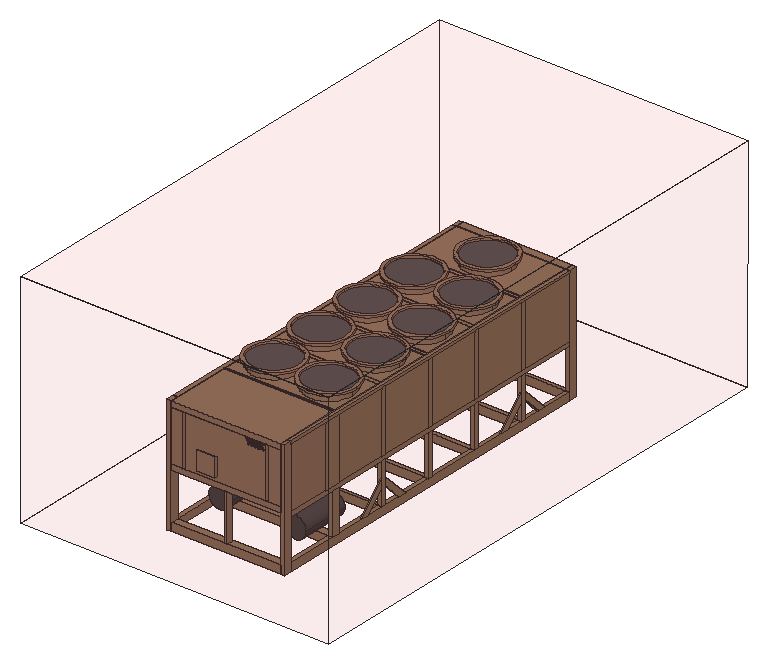
Revit family (continued)
Definition of nested family "Liquid Chiller, Direct Expansion Plan View"
  Dimensions and locks (in)
    aligned and locked: plane 16 "Arrow Left" to Filled region 3 sketch curve
    aligned and locked: Filled region 3 sketch curve to plane 26 "Water In Top"
    aligned and locked: Filled region 3 sketch curve to plane 25 "Water In Bottom"
    aligned and locked: plane 17 "Arrow Right" to Filled region 3 sketch curve
    aligned and locked: plane 9 "Bottom" to Filled region 4 sketch curve
    aligned and locked: Filled region 4 sketch curve to plane 12 "Bottom Arrow Bottom"
    aligned and locked: plane 27 "Bottom Arrow Left" to Filled region 4 sketch curve
    aligned and locked: plane 28 "Bottom Arrow Right" to Filled region 4 sketch curve
    aligned and locked: nested 1 to plane 4 "Right"
    aligned and locked: nested 3 to plane 30 "Lettering"
    aligned and locked: plane 30 "Lettering" to nested 2
    aligned and locked: plane 21 "Bottom Curve" to curve 10
    aligned and locked: curve 8 to plane 20 "Top Curve"
  Automatic sketch dimensions
    Filled region 1 sketch curve to plane 11 "Top Arrow" = 0"
    curve 10 to plane 7 "Water In Line" = 0"
    curve 9 to plane 10 = 0"
    curve 7 to plane 10 = 0"
    plane 18 "Top Arrow Left" to curve 5 = 2.57508"
    plane 18 "Top Arrow Left" to curve 10 = 2.55577"
    Filled region 2 sketch curve to plane 6 "Return Line" = 0"
    Filled region 2 sketch curve to plane 17 "Arrow Right" = 0"
    Filled region 3 sketch curve to plane 7 "Water In Line" = 0"
    curve 2 to plane 3 "Left" = 0"
    Filled region 4 sketch curve to plane 13 "Bottom Arrow" = 0"
  Nested families (in)
    nested 1: "LABEL" at (81.59278, 4.07865, 0) x (8, 0, 0) z (0, 0, 8), type "LABEL", in view "Ref. Level", detail levels coarse
      with Keynote "L"
    nested 2: "LABEL" at (-44.34472, 71.71819, 0) x (8, 0, 0) z (0, 0, 8), type "LABEL", in view "Ref. Level", detail levels coarse
      with Keynote "RS"
    nested 3: "LABEL" at (-44.34472, -12.79352, 0) x (8, 0, 0) z (0, 0, 8), type "LABEL", in view "Ref. Level", detail levels coarse
      with Keynote "RL"
  Definition of nested family "LABEL"
    Parameters
      Keynote [instance] = ""
    Reference planes (in)
      plane 1: y = 0
      plane 2: x = 0
    Text (in)
      label "Keynote" at (0.01999, 0.00618, 0), shows "Keynote"
Definition of nested family "Liquid Chiller, Direct Expansion 3_D"
  Parameters
    Width = 72"
    Right Pipe Elevation = 12"
    Left Pipe Elevation = 36"
    Height = 36"
    Depth = 72"
  Reference planes (in)
    plane 1 "Center (Front/Back)": y = 0
    plane 2 "Bottom": z = 0
    plane 3 "Center (Left/Right)": x = 0
    plane 4 "Left": x = -36
    plane 5 "Right": x = 36
    plane 6 "Back": y = 36
    plane 7 "Front": y = -36
    plane 8 "Arrow Head Back": y = -22
    plane 9 "Arrow Head Point": y = -14
    plane 10 "Arrow Head Middle": y = -18
    plane 11 "Left Pipe Elevation": z = 36
    plane 12 "Right Pipe Elevation": z = 12
  Lines and regions (in)
    model lines, detail levels coarse
      curve 1: line (-36, -36, 36) -> (-36, 0, 36)
      curve 2: line (36, -36, 12) -> (36, 0, 12)
    model lines, style "GenericModelHiddenLines", detail levels coarse
      curve 3: line (-36, 0, 36) -> (-36, 36, 36)
      curve 4: line (36, 36, 12) -> (36, 0, 12)
      curve 9: line (36, 36, 12) -> (-36, 36, 36)
    model lines, style "GenericModel", detail levels coarse
      curve 5: line (-36, -22, 36) -> (-38.07055, -14, 36)
      curve 6: line (-36, -22, 36) -> (-33.92945, -14, 36)
      curve 7: line (36, -14, 12) -> (33.92945, -22, 12)
      curve 8: line (36, -14, 12) -> (38.07055, -22, 12)
  Dimensions and locks (in)
    "Depth": plane 6 "Back" to plane 7 "Front"
    "Width": plane 4 "Left" to plane 5 "Right"
    equal spacing: plane 6 "Back", plane 1 "Center (Front/Back)", plane 7 "Front"
    equal spacing: plane 4 "Left", plane 3 "Center (Left/Right)", plane 5 "Right"
    equal spacing: plane 9 "Arrow Head Point", plane 10 "Arrow Head Middle", plane 8 "Arrow Head Back"
    equal spacing: plane 1 "Center (Front/Back)", plane 10 "Arrow Head Middle", plane 7 "Front"
    locked: plane 9 "Arrow Head Point" to plane 8 "Arrow Head Back" at 8
    "Right Pipe Elevation": plane 2 "Bottom" to plane 12 "Right Pipe Elevation"
    "Left Pipe Elevation": plane 2 "Bottom" to plane 11 "Left Pipe Elevation"
    aligned and locked: curve 9 to curve 8
  Automatic sketch dimensions
    curve 8 to plane 8 "Arrow Head Back" = 0"
    curve 2 to plane 5 "Right" = 0"
    curve 8 to plane 5 "Right" = 0"
    curve 7 to plane 8 "Arrow Head Back" = 0"
    curve 4 to plane 6 "Back" = 0"
    curve 4 to plane 1 "Center (Front/Back)" = 0"
    curve 7 to plane 9 "Arrow Head Point" = 0"
    curve 2 to plane 7 "Front" = 0"
    curve 8 to plane 5 "Right" = 2.07055"
    plane 5 "Right" to curve 7 = 2.07055"
    curve 6 to plane 9 "Arrow Head Point" = 0"
    curve 3 to plane 4 "Left" = 0"
    curve 5 to plane 4 "Left" = 0"
    curve 5 to plane 9 "Arrow Head Point" = 0"
    curve 3 to plane 1 "Center (Front/Back)" = 0"
    curve 5 to plane 8 "Arrow Head Back" = 0"
    curve 1 to plane 7 "Front" = 0"
    curve 6 to plane 4 "Left" = 2.07055"
    plane 4 "Left" to curve 5 = 2.07055"
    curve 3 to plane 6 "Back" = 0"
    curve 9 to plane 5 "Right" = 0"
    curve 9 to plane 4 "Left" = 0"
    curve 9 to plane 11 "Left Pipe Elevation" = 0"
